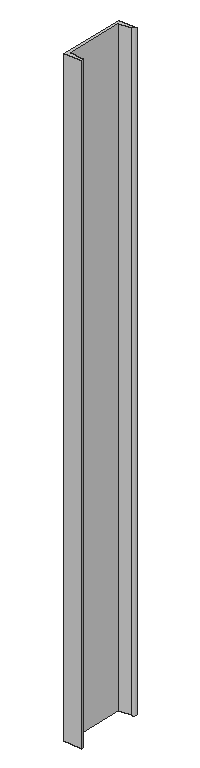
Revit family "86b02085118544d789133363aab1aeda", category Structural Columns, Revit 2021
Family settings
  Section Shape = Not Defined
  Material for Model Behavior = Steel
  Always export as geometry = No
  Beam cutback in plan = From bounding box
  Cut with Voids When Loaded = No
  Symbolic Representation = From Project Settings
  Shared = No
  Show family pre-cut in plan views = Yes
Parameters (values of type "C12x30")
  x = 0' - 0 173/256"
  W = 30
  Structural Material [instance] = Steel ASTM A36
  Assembly Code = "B10"
  bf = 0' - 3 11/64"
  d = 1' - 0"
  tf = 0' - 0 1/2"
  tw = 0' - 0 131/256"
  A = 8.81 in²
Reference planes (in)
  plane 1: y = 0
  plane 2: z = 0
  plane 3: x = 0
  plane 4: x = 2.49609
  plane 5: y = 6
  plane 6: y = -6
  plane 7: x = -0.67578
  plane 8: y = 5.5
  plane 9: y = -5.5
  plane 10: x = -0.16406
  plane 11: x = 1.99609
Forms (in)
  Extrusion 1, solid, material "Steel ASTM A36" <- "Structural Material", detail levels medium
    sketch origin (-1.75, 0, 0) x (1, 0, 0) y (0, 1, 0)
      loop
        line (4.24609, 6) -> (1.07422, 6) -> (1.07422, -6) -> (4.24609, -6) -> (4.24609, -5.5) -> (1.58594, -5.07867) -> (1.58594, 5.07867) -> (4.24609, 5.5) -> (4.24609, 6)
    from 0 to 108
  Extrusion 2, solid, material "Steel ASTM A36" <- "Structural Material", detail levels fine
    sketch origin (-1.75, 0, 0) x (1, 0, 0) y (0, 1, 0)
      loop
        line (4.24609, 6) -> (1.07422, 6) -> (1.07422, -6) -> (4.24609, -6)
        arc (4.24609, -6) -> (4.09965, -5.64645) -> (3.74609, -5.5) r 0.5
        line (3.74609, -5.5) -> (1.58594, -5.15786) -> (1.58594, 5.15786) -> (3.74609, 5.5)
        arc (3.74609, 5.5) -> (4.09965, 5.64645) -> (4.24609, 6) r 0.5
    from 0 to 108
Lines and regions (in)
  symbolic lines, style "StructuralColumnStickSymbols", detail levels coarse
    curve 1: line (-0.67578, 6, 0) -> (2.49609, 6, 0)
    curve 2: line (-0.67578, -6, 0) -> (2.49609, -6, 0)
    curve 3: line (-0.67578, 6, 0) -> (-0.67578, -6, 0)
  symbolic lines, style "Hidden Faces", detail levels medium+fine
    curve 4: line (-0.16406, 0, 108) -> (-0.16406, 0, 0)
    curve 5: line (-0.67578, 5.07867, 0) -> (-0.67578, 5.07867, 108)
    curve 6: line (-0.67578, -5.07867, 0) -> (-0.67578, -5.07867, 108)
Dimensions and locks (in)
  equal spacing: plane 6, plane 1, plane 5
  "d": plane 6 to plane 5
  "bf": plane 7 to plane 4
  "tf": plane 5 to plane 8
  "tf": plane 6 to plane 9
  "tw": plane 7 to plane 10
  "tf": plane 11 to plane 4
  "x": plane 7 to plane 3
  "tf": radius of Extrusion 2 sketch curve  (x2)
  locked: plane 8 to Extrusion 1 sketch curve (angle 9.00°)
  locked: Extrusion 1 sketch curve to plane 9 (angle 9.00°)
  locked: Extrusion 2 sketch curve to plane 9 (angle 9.00°)
  angle plane 8 to Extrusion 2 sketch curve = 9.00°
  aligned and locked: level to plane 2
  aligned and locked: plane 7 to curve 2
  aligned and locked: plane 7 to curve 1
  aligned and locked: plane 4 to curve 2
  aligned and locked: plane 4 to curve 1
  aligned and locked: plane 5 to curve 1
  aligned and locked: plane 6 to curve 3
  aligned and locked: level to curve 4
  aligned and locked: plane 10 to curve 4
  aligned and locked: plane 5 to Extrusion 1 sketch curve
  aligned and locked: Extrusion 1 sketch curve to plane 7
  aligned and locked: Extrusion 1 sketch curve to plane 6
  aligned and locked: plane 10 to Extrusion 1 sketch curve
  aligned and locked: plane 4 to Extrusion 1 sketch curve  (x4)
  aligned and locked: plane 9 to Extrusion 1 sketch curve
  aligned and locked: Extrusion 2 sketch curve to plane 5
  aligned and locked: plane 7 to Extrusion 2 sketch curve
  aligned and locked: plane 6 to Extrusion 2 sketch curve
  aligned and locked: Extrusion 2 sketch curve to plane 10
  aligned and locked: plane 11 to Extrusion 2 sketch curve  (x4)
  aligned and locked: plane 9 to Extrusion 2 sketch curve
  aligned and locked: plane 8 to Extrusion 2 sketch curve
  aligned and locked: level to Extrusion 2
  aligned and locked: level to Extrusion 1
  aligned and locked: Extrusion 1 to plane 2
  aligned and locked: Extrusion 2 to plane 2
  aligned and locked: level to curve 5
  aligned and locked: level to curve 6
  aligned and locked: plane 2 to curve 5
  aligned and locked: plane 2 to curve 6
  aligned and locked: curve 6 to Extrusion 1
  aligned and locked: curve 5 to Extrusion 1
Automatic sketch dimensions
  curve 4 to level = 0' - 0"
  Extrusion 1 sketch curve to plane 8 = 0' - 0"
